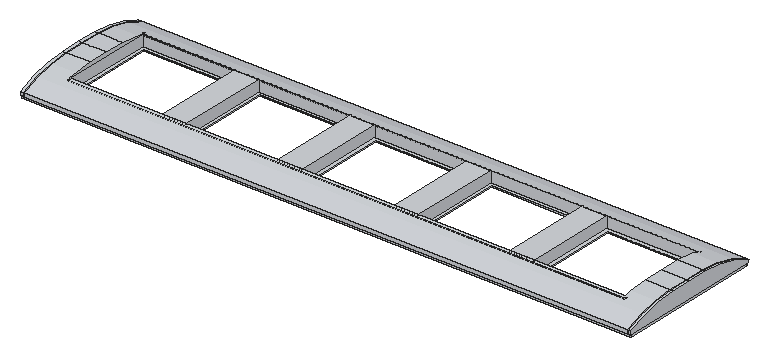
Revit family "Gira_0215761", category Electrical Fixtures, host Face, Revit 2017
Family settings
  Host = Face
  Maintain Annotation Orientation = No
  Round Connector Dimension = Use Diameter
  Part Type = Normal
  Cut with Voids When Loaded = No
  Shared = No
  Room Calculation Point = No
Parameters (values of type "Cov.fr. 5-g interm.fr. CW Gira Event Clear brown")
  With mounting grid = "No"
  With hinged lid = "No"
  URL = "http://katalog.gira.de/en/datenblatt.html?artikelnr=0215761"
  Type of fastening = "Clamp mounting"
  Transparent = "No"
  Surface protection = "Other"
  Surface finishing = "Glossy"
  Suitable for wall duct = "No"
  Suitable for flush-mounted installation = "Yes"
  Suitable for floor box = "No"
  Suitable for built-in installation = "No"
  Number of units vertical = "5"
  Number of units horizontal = "5"
  Number of units = "5"
  Name = "Cov.fr. 5-g interm.fr. CW Gira Event Clear brown"
  Mounting direction = "Horizontal and vertical"
  Material quality = "Thermoplastic"
  Material = "Plastic"
  Manufacturer URL = "https://www.gira.de/"
  Manufacturer = "Gira"
  Label space/information surface = "No"
  Keynote = ""
  HeinzeBIM = "https://bimportal.heinze.de/bim/cov-fr-5-g-interm-fr-cw-gira-event-clear-brown/2971eb6b02c03818d5da1849aea3f2e2e5a93da3"
  Halogen free = "Yes"
  HAN = "0215761"
  GTIN = "4010337069331"
  Description = "Cov.fr.5g i.fr.CW EvCl BN,Gira Event Clear cover frame,brown with cream white glossy intermediate frame,5-gang,Features:,- Shatter-proof."
  Degree of protection (IP) = "IP20"
  Default Elevation = 1219.2 mm
  Data sheet (1) = "https://katalog.gira.de/en/download.html?artikelnr=0215761"
  Colour = "Brown"
  Category = "Cover frame for domestic switching devices"
  BIM (1) = "https://media.stage.bim.site/public/gira/36a6b08/Event_Rahmen_5fach.rfa"
  Available = "No"
Reference planes
  plane 1 "Center (Front/Back)": y = 0
  plane 2: z = 0
  plane 3 "Center (Left/Right)": x = 0
Forms (mm)
  Extrusion 1, solid, detail levels fine
    sketch origin (0, 0, 0.05) x (0, 1, 0) y (0, 0, 1)
      loop
        arc (12.445, 9.683) -> (6.223, 9.833) -> (0, 9.85) r 291.636
        arc (0, 9.85) -> (-6.223, 9.833) -> (-12.445, 9.683) r 291.636
        arc (-12.445, 9.683) -> (-29.14, 7.482) -> (-45, 1.823) r 79.728
        line (-45, 1.823) -> (-45, -0.05) -> (-42.086, -0.05)
        arc (-42.086, -0.05) -> (-21.385, 5.559) -> (0, 7.206) r 114.424
        arc (0, 7.206) -> (21.385, 5.559) -> (42.086, -0.05) r 114.424
        line (42.086, -0.05) -> (45, -0.05) -> (45, 1.823)
        arc (45, 1.823) -> (29.14, 7.482) -> (12.445, 9.683) r 79.728
    from -185.578 to 185.593
  Extrusion 2, void, detail levels fine
    sketch origin (0, 0, 0) x (1, 0, 0) y (0, 1, 0)
      loop
        line (170.607, 28) -> (-170.593, 28) -> (-170.593, -28) -> (170.607, -28) -> (170.607, 28)
    from 0.724 to 11
  Extrusion 3, solid, detail levels coarse
    sketch origin (0, 0, 0) x (1, 0, 0) y (0, 1, 0)
      loop
        line (-187.578, 45) -> (-187.578, -45) -> (187.593, -45) -> (187.593, 45) -> (-187.578, 45)
    from -1.5 to 9.9
  Extrusion 4, solid, detail levels medium
    sketch origin (0, 0, 0.05) x (0, 1, 0) y (0, 0, 1)
      loop
        arc (12.445, 9.683) -> (6.223, 9.833) -> (0, 9.85) r 291.636
        arc (0, 9.85) -> (-6.223, 9.833) -> (-12.445, 9.683) r 291.636
        arc (-12.445, 9.683) -> (-29.14, 7.482) -> (-45, 1.823) r 79.728
        line (-45, 1.823) -> (-45, -0.05) -> (45, -0.05) -> (45, 1.823)
        arc (45, 1.823) -> (29.14, 7.482) -> (12.445, 9.683) r 79.728
    from -187.578 to 187.593
  Extrusion 5, solid, detail levels fine
    sketch origin (-142.578, 0, -1.5) x (0, 1, 0) y (0, 0, -1)
      loop
        line (45, -3.373) -> (45, -1.5) -> (-45, -1.5) -> (-45, -3.373)
        arc (-45, -3.373) -> (-29.14, -9.032) -> (-12.445, -11.233) r 79.728
        arc (-12.445, -11.233) -> (-6.223, -11.383) -> (0, -11.4) r 291.636
        arc (0, -11.4) -> (6.223, -11.383) -> (12.445, -11.233) r 291.636
        arc (12.445, -11.233) -> (29.14, -9.032) -> (45, -3.373) r 79.728
    from 43 to 45
  Extrusion 6, solid, detail levels fine
    sketch origin (0, 0, 0) x (1, 0, 0) y (0, 1, 0)
      loop
        line (-168.493, 25.7) -> (-168.493, -25.7) -> (-116.693, -25.7) -> (-116.693, 25.7) -> (-168.493, 25.7)
      loop
        line (-45.398, -25.7) -> (-45.398, 25.7) -> (-97.198, 25.7) -> (-97.198, -25.7) -> (-45.398, -25.7)
      loop
        line (-171.487, 28.49) -> (-171.487, -28.495)
        spline (-171.487, -28.495) -> (-171.479, -28.625) -> (-171.453, -28.754) -> (-171.411, -28.878) -> (-171.353, -28.995) -> (-171.281, -29.104) -> (-171.194, -29.202) -> (-171.096, -29.288) -> (-170.987, -29.361) -> (-170.87, -29.419) -> (-170.746, -29.461) -> (-170.618, -29.486) -> (-170.487, -29.495)
        line (-170.487, -29.495) -> (170.502, -29.495)
        spline (170.502, -29.495) -> (170.633, -29.486) -> (170.761, -29.461) -> (170.885, -29.419) -> (171.002, -29.361) -> (171.111, -29.288) -> (171.209, -29.202) -> (171.296, -29.104) -> (171.368, -28.995) -> (171.426, -28.878) -> (171.468, -28.754) -> (171.494, -28.625) -> (171.502, -28.495)
        line (171.502, -28.495) -> (171.502, 28.49)
        spline (171.502, 28.49) -> (171.494, 28.62) -> (171.468, 28.748) -> (171.426, 28.872) -> (171.368, 28.99) -> (171.296, 29.098) -> (171.209, 29.197) -> (171.111, 29.283) -> (171.002, 29.356) -> (170.885, 29.413) -> (170.761, 29.456) -> (170.633, 29.481) -> (170.502, 29.49)
        line (170.502, 29.49) -> (-170.487, 29.49)
        spline (-170.487, 29.49) -> (-170.618, 29.481) -> (-170.746, 29.456) -> (-170.87, 29.413) -> (-170.987, 29.356) -> (-171.096, 29.283) -> (-171.194, 29.197) -> (-171.281, 29.098) -> (-171.353, 28.99) -> (-171.411, 28.872) -> (-171.453, 28.748) -> (-171.479, 28.62) -> (-171.487, 28.49)
      loop
        line (25.902, -25.7) -> (25.902, 25.7) -> (-25.898, 25.7) -> (-25.898, -25.7) -> (25.902, -25.7)
      loop
        line (97.207, -25.7) -> (97.207, 25.7) -> (45.407, 25.7) -> (45.407, -25.7) -> (97.207, -25.7)
      loop
        line (168.507, -25.7) -> (168.507, 25.7) -> (116.707, 25.7) -> (116.707, -25.7) -> (168.507, -25.7)
    from 0.1 to 7.3
  Extrusion 7, solid
    sketch origin (0, 0, 0) x (1, 0, 0) y (0, 1, 0)
      loop
        arc (-187.293, -44.218) -> (-187.146, -44.572) -> (-186.793, -44.718) r 0.5
        line (-186.793, -44.718) -> (186.807, -44.718)
        arc (186.807, -44.718) -> (187.161, -44.572) -> (187.307, -44.218) r 0.5
        line (187.307, -44.218) -> (187.307, 44.182)
        arc (187.307, 44.182) -> (187.161, 44.535) -> (186.807, 44.682) r 0.5
        line (186.807, 44.682) -> (-186.793, 44.682)
        arc (-186.793, 44.682) -> (-187.146, 44.535) -> (-187.293, 44.182) r 0.5
        line (-187.293, 44.182) -> (-187.293, -44.218)
      loop
        line (-185.593, 42.982) -> (-185.593, -43.018) -> (185.607, -43.018) -> (185.607, 42.982) -> (-185.593, 42.982)
    from -1.5 to 0.5
  Extrusion 8, solid, detail levels fine
    sketch origin (142.593, 0, -1.5) x (0, 1, 0) y (0, 0, 1)
      loop
        arc (45, 3.373) -> (29.14, 9.032) -> (12.445, 11.233) r 79.728
        arc (12.445, 11.233) -> (6.223, 11.383) -> (0, 11.4) r 291.636
        arc (0, 11.4) -> (-6.223, 11.383) -> (-12.445, 11.233) r 291.636
        arc (-12.445, 11.233) -> (-29.14, 9.032) -> (-45, 3.373) r 79.728
        line (-45, 3.373) -> (-45, 1.5) -> (45, 1.5) -> (45, 3.373)
    from 43 to 45
  Extrusion 9, solid, detail levels medium
    sketch origin (0, 0, 0) x (1, 0, 0) y (0, 1, 0)
      loop
        line (-187.293, -44.718) -> (187.307, -44.718) -> (187.307, 44.682) -> (-187.293, 44.682) -> (-187.293, -44.718)
    from -1.5 to 0.5
  Extrusion 10, solid, detail levels fine
    sketch origin (-105.5, 0, 0) x (1, 0, 0) y (0, 1, 0)
      loop
        line (-8.943, 28.063) -> (-8.943, -27.937) -> (6.057, -27.937) -> (6.057, 28.063) -> (-8.943, 28.063)
    from 0.724 to 7.566
  Extrusion 11, solid, detail levels fine
    sketch origin (-37.085, 0, 0) x (-1, 0, 0) y (0, -1, 0)
      loop
        line (-8.943, -28.063) -> (6.057, -28.063) -> (6.057, 27.937) -> (-8.943, 27.937) -> (-8.943, -28.063)
    from 0.724 to 7.566
  Extrusion 12, solid, detail levels fine
    sketch origin (105.5, 0, 0) x (-1, 0, 0) y (0, -1, 0)
      loop
        line (-8.943, -28.063) -> (6.057, -28.063) -> (6.057, 27.937) -> (-8.943, 27.937) -> (-8.943, -28.063)
    from 0.724 to 7.566
  Extrusion 13, solid, detail levels fine
    sketch origin (37.085, 0, 0) x (1, 0, 0) y (0, 1, 0)
      loop
        line (-8.943, 28.063) -> (-8.943, -27.937) -> (6.057, -27.937) -> (6.057, 28.063) -> (-8.943, 28.063)
    from 0.724 to 7.566
Cuts and joins
  Extrusion 2 cuts Extrusion 1
  Extrusion 2 cuts Extrusion 6
Dimensions and locks
  aligned and locked: plane 2 to host face
  aligned and locked: level to host face
